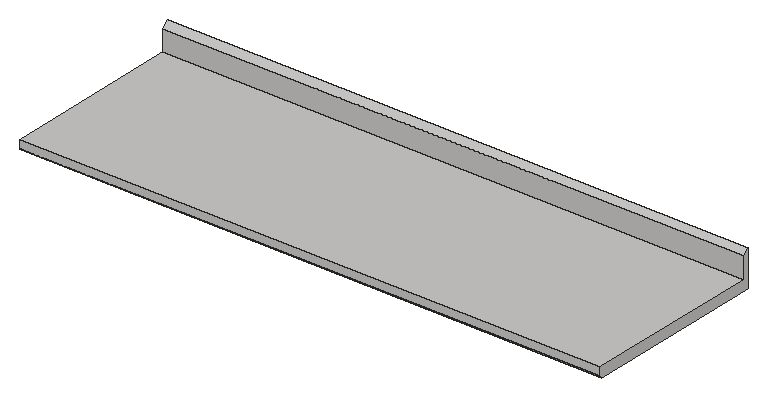
Revit family "QF_ELECTROLUXPROFESSIONAL_121160_TPLA22A", category Attrezzature speciali, Revit 2020
Family settings
  Quota connettore circolare = Usa diametro
  Tipo di parte = Normale
  Basato su piano di lavoro = No
  Sempre verticale = Sì
  Taglio con vuoti quando caricato = No
  Condiviso = No
  Punto di calcolo locali = No
Parameters (values of type "Standard")
  Weight = 71.00 kg
  Watts = 0 W
  Volts = 0 V
  URL Manufacturer = "https://www.electroluxprofessional.com/"
  URL = "https://www.electroluxprofessional.com/"
  Steam Supply Size = 0 mm
  Steam Supply Minimum Pressure = 0.0 Pa
  Steam Supply Maximum Pressure = 0.0 Pa
  Steam Consumption per Hour = 0
  Refrigeration Suction Line Size = 0.0 mm
  Refrigeration Liquid Line Size = 0.0 mm
  Refrigerant Compressor Remote = yes
  Prospetto di default = 0.0 mm
  Phase = 0
  Modello = "TPLA22A"
  Produttore = "Electrolux Professional"
  Length Actual = 2200.0 mm  # constant formula
  Item Number = "121160"
  Hot Water Size = 0 mm
  Height Actual = 140.0 mm  # constant formula
  HP = "0 HP"
  Gas Size = 0 mm
  Gas KW = 0
  Gas Input Pressure = 0 W
  Direct Waste Size = 0 mm
  Descrizione = "WORK TOP WITH UPSTAND 2200MM"
  Depth Actual = 700.0 mm  # constant formula
  Cycle = 0 Hz
  Condensate Return Size = 0 mm
  Compressed Air Volume = 0.0 L/s
  Compressed Air Size = 0 mm
  Compressed Air Pressure = 0.0 Pa
  Cold Water Size = 0 mm
  Accessory = yes
Reference planes
  plane 1 "Center (Front/Back)": y = 0
  plane 2: z = 0
  plane 3 "Center (Left/Right)": x = -600
  plane 4 "LEFT": x = -1700
  plane 5 "RIGHT": x = 500
  plane 6 "BACK": y = 350
  plane 7 "FRONT": y = -350
  plane 8 "TOP": z = 1000
  plane 9: z = 900
  plane 10: z = 860
Forms (mm)
  Extrusion 1, solid, material "QF_Finishes_Stainless Steel"
    sketch origin (-600, 0, 0) x (0, 1, 0) y (0, 0, 1)
      loop
        line (350, 1000) -> (330, 980) -> (330, 900) -> (-350, 900) -> (-350, 870) -> (-340, 860) -> (350, 860) -> (350, 1000)
    from 1100 to -1100
Lines and regions (mm)
  symbolic lines
    curve 1: line (500, 350, 1000) -> (-1700, 350, 1000)
    curve 2: line (-1700, 350, 1000) -> (-1700, -350, 1000)
    curve 3: line (-1700, -350, 1000) -> (500, -350, 1000)
    curve 4: line (500, -350, 1000) -> (500, 350, 1000)
    curve 5: line (-1700, 330, 1000) -> (500, 330, 1000)
Dimensions and locks
  plane 4 "LEFT" to plane 5 "RIGHT" = 2200.0 mm
  equal spacing: plane 4 "LEFT", plane 3 "Center (Left/Right)", plane 5 "RIGHT"
  plane 6 "BACK" to plane 7 "FRONT" = 700.0 mm
  equal spacing: plane 6 "BACK", plane 1 "Center (Front/Back)", plane 7 "FRONT"
  locked: plane 8 "TOP" to plane 9 at 100
  locked: plane 6 "BACK" to Extrusion 1 sketch curve at 20
  plane 10 to level = 860.0 mm
  plane 8 "TOP" to plane 10 = 140.0 mm
  aligned and locked: level to plane 2
  aligned and locked: Extrusion 1 to plane 4 "LEFT"
  aligned and locked: plane 5 "RIGHT" to Extrusion 1
  aligned and locked: curve 2 to plane 4 "LEFT"
  aligned and locked: Extrusion 1 sketch curve to plane 9
  aligned and locked: Extrusion 1 sketch curve to plane 6 "BACK"
  aligned and locked: plane 7 "FRONT" to Extrusion 1 sketch curve
  aligned and locked: plane 10 to Extrusion 1 sketch curve
Automatic sketch dimensions
  curve 3 to plane 7 "FRONT" = 0.0 mm
  curve 4 to plane 5 "RIGHT" = 0.0 mm
  curve 4 to plane 6 "BACK" = 0.0 mm
  curve 5 to plane 6 "BACK" = 20.0 mm
  Extrusion 1 sketch curve to plane 8 "TOP" = 0.0 mm
  Extrusion 1 sketch curve to plane 8 "TOP" = 20.0 mm
  plane 7 "FRONT" to Extrusion 1 sketch curve = 10.0 mm
  level to Extrusion 1 sketch curve = 870.0 mm
